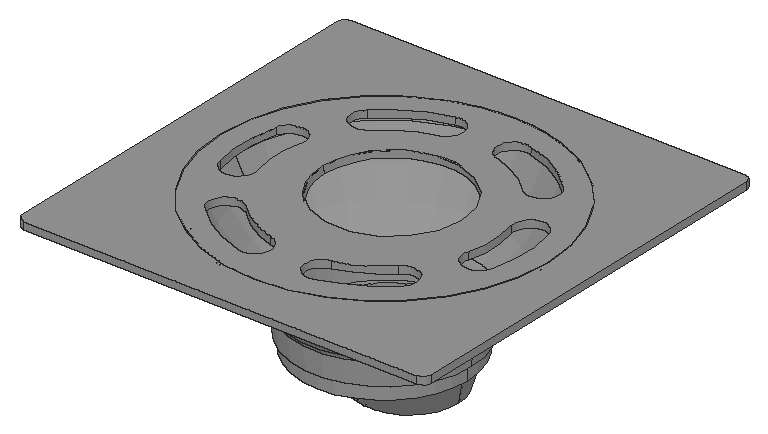
Revit family "937210001_Rejilla piso contemporáneas 10x10", category Aparatos sanitarios, Revit 2019
Family settings
  Cota de conector redondo = Diámetro de uso
  Tipo de pieza = Normal
  Número OmniClass = 23.33.49.23
  Título OmniClass = Grilles
  Se basa en plano de trabajo = No
  Siempre vertical = Sí
  Corte con vacíos al cargar = No
  Compartido = No
  Punto de cálculo de habitación = No
Parameters
  Resistencia máxima a la carga = "136 Kg (299,8 lb)."  # constant formula
  Profundidad = 100 mm
  Peso Neto aprox = "210 gr. (0,46 lb.)"  # constant formula
  Peso Bruto aprox = "241 gr. (0,53 lb.)"  # constant formula
  Material = Corona_Acero inoxidable
  Fabricante = "Grival"  # constant formula
  Garantía Grival = "5 años"  # constant formula
  Fecha de creación = "22/07/2020"  # constant formula
  Descripción = "Ideal para áres de ducha, cocinas, baños y zonas de lavandería. Se\r\nadapta a tubería sanitaria de 1 1/2”, 2” y 3”.\r\n\u001f Sistema que evita el ingreso de Cucarachas y malos olores.\r\n\u001f Fabricada 100% en acero inoxidable.\r\n\u001f Alta resistencia a la corrosión."  # constant formula
  Creado por = "IDD"  # constant formula
  Capacidad de flujo mínimo por norma = "27 L/m."  # constant formula
  Capacidad de Flujo estimada real = "24 L/m."  # constant formula
  Ancho = 100 mm
  Alto = 55 mm
Reference planes
  plane 1 "Center (Front/Back)": y = 0
  plane 2: z = 0
  plane 3 "Center (Left/Right)": x = 0
  plane 4: x = -50
  plane 5: x = 50
  plane 6: y = 50
  plane 7: y = -50
  plane 8: z = -55
  plane 9: z = -1.729
Forms (mm)
  Extrusion 1, solid, material "Corona_Acero inoxidable" <- "Material", detail levels medium+fine
    sketch origin (0, 0, 0) x (1, 0, 0) y (0, 1, 0)
      loop
        arc (-48.001, 50) -> (-49.374, 49.455) -> (-50, 48.118) r 2.002
        line (-50, 48.118) -> (-50, -48.118)
        arc (-50, -48.118) -> (-49.374, -49.455) -> (-48.001, -50) r 2.002
        line (-48.001, -50) -> (48.001, -50)
        arc (48.001, -50) -> (49.374, -49.455) -> (50, -48.118) r 2.002
        line (50, -48.118) -> (50, 48.118)
        arc (50, 48.118) -> (49.374, 49.455) -> (48.001, 50) r 2.002
        line (48.001, 50) -> (-48.001, 50)
      loop
        circle (0, 0) r 40
    from -1.729 to 0
  Extrusion 2, solid, material "Corona_Acero inoxidable" <- "Material", detail levels medium+fine
    sketch origin (0, 0, 0) x (1, 0, 0) y (0, 1, 0)
      loop
        circle (0, 0) r 40
      loop
        arc (25.627, 6.602) -> (26.442, 0.167) -> (25.627, -6.267) r 25.831
        arc (25.627, -6.267) -> (28.329, -11.471) -> (33.437, -8.592) r 4.077
        arc (33.437, -8.592) -> (34.481, -0.019) -> (33.469, 8.557) r 36.253
        arc (33.469, 8.557) -> (28.563, 11.529) -> (25.627, 6.602) r 4.041
      loop
        arc (-25.627, 6.602) -> (-28.563, 11.529) -> (-33.469, 8.557) r 4.041
        arc (-33.469, 8.557) -> (-34.481, -0.019) -> (-33.437, -8.592) r 36.253
        arc (-33.437, -8.592) -> (-28.329, -11.471) -> (-25.627, -6.267) r 4.077
        arc (-25.627, -6.267) -> (-26.442, 0.167) -> (-25.627, 6.602) r 25.831
      loop
        arc (-18.535, -18.881) -> (-24.27, -18.96) -> (-24.149, -24.694) r 4.041
        arc (-24.149, -24.694) -> (-17.228, -29.859) -> (-9.282, -33.241) r 36.253
        arc (-9.282, -33.241) -> (-4.235, -30.257) -> (-7.391, -25.315) r 4.077
        arc (-7.391, -25.315) -> (-13.37, -22.803) -> (-18.535, -18.881) r 25.831
      loop
        arc (-18.535, 18.881) -> (-13.37, 22.803) -> (-7.391, 25.315) r 25.831
        arc (-7.391, 25.315) -> (-4.235, 30.257) -> (-9.282, 33.241) r 4.077
        arc (-9.282, 33.241) -> (-17.228, 29.859) -> (-24.149, 24.694) r 36.253
        arc (-24.149, 24.694) -> (-24.27, 18.96) -> (-18.535, 18.881) r 4.041
      loop
        arc (18.535, -18.881) -> (13.37, -22.803) -> (7.391, -25.315) r 25.831
        arc (7.391, -25.315) -> (4.235, -30.257) -> (9.282, -33.241) r 4.077
        arc (9.282, -33.241) -> (17.228, -29.859) -> (24.149, -24.694) r 36.253
        arc (24.149, -24.694) -> (24.27, -18.96) -> (18.535, -18.881) r 4.041
      loop
        arc (18.535, 18.881) -> (24.27, 18.96) -> (24.149, 24.694) r 4.041
        arc (24.149, 24.694) -> (17.228, 29.859) -> (9.282, 33.241) r 36.253
        arc (9.282, 33.241) -> (4.235, 30.257) -> (7.391, 25.315) r 4.077
        arc (7.391, 25.315) -> (13.37, 22.803) -> (18.535, 18.881) r 25.831
    from -1.729 to 0
  Sweep 3, solid, material "Corona_Acero inoxidable" <- "Material", detail levels medium+fine
    path origin (0, 0, 0) x (1, 0, 0) y (0, 1, 0)
      loop
        circle (0, 0) r 40
    profile origin (0, 40, 0) x (0, -1, 0) y (0, 0, 1)
      loop
        arc (0.015, -1.729) -> (1.606, -2.267) -> (2.601, -3.618) r 2.794
        arc (2.601, -3.618) -> (8.644, -13.941) -> (17.199, -22.302) r 44.9
        arc (17.199, -22.302) -> (17.811, -22.922) -> (18.211, -23.696) r 2.895
        line (18.211, -23.696) -> (18.6, -29.261) -> (19.603, -29.261) -> (19.2, -23.508)
        arc (19.2, -23.508) -> (18.66, -22.391) -> (17.796, -21.501) r 3.895
        arc (17.796, -21.501) -> (9.442, -13.338) -> (3.535, -3.261) r 43.9
        arc (3.535, -3.261) -> (2.173, -1.443) -> (0.015, -0.729) r 3.794
        line (0.015, -0.729) -> (0.015, -1.729)
  Extrusion 4, solid, material "Corona_Acero inoxidable" <- "Material", detail levels medium+fine
    sketch origin (0, -0.781, 0) x (1, 0, 0) y (0, 1, 0)
      loop
        circle (-0.027, 0.779) r 20.397
    from -32.782 to -29.261
  Blend 5, solid, material "Corona_Acero inoxidable" <- "Material", detail levels medium+fine
    base sketch origin (0, -2.188, 0) x (1, 0, 0) y (0, 1, 0)
      loop
        circle (-0.014, 9.855) r 12
    top sketch origin (0, -2.188, 0) x (1, 0, 0) y (0, 1, 0)
      loop
        circle (-0.001, 3.417) r 18.364
    from -44.051 to -32.782
  Extrusion 6, void, detail levels medium+fine
    sketch origin (0, 0, 0) x (1, 0, 0) y (0, 1, 0)
      loop
        circle (0, 1.25) r 18.356
    from -32.782 to -29.261
  Blend 7, solid, material "Corona_Acero inoxidable" <- "Material", detail levels medium+fine
    base sketch origin (0, -2.188, 0) x (1, 0, 0) y (0, 1, 0)
      loop
        circle (-0.014, 9.855) r 12
    top sketch origin (0, -2.188, 0) x (1, 0, 0) y (0, 1, 0)
      loop
        circle (-0.001, 3.417) r 18.364
    from -44.051 to -32.782
  Blend 8, void, detail levels medium+fine
    base sketch origin (0, 0, 0) x (1, 0, 0) y (0, 1, 0)
      loop
        circle (-0.014, 7.667) r 11.8
    top sketch origin (0, 0, 0) x (1, 0, 0) y (0, 1, 0)
      loop
        circle (-0.001, 1.229) r 18.2
    from -44.051 to 10
  Blend 9, void, detail levels medium+fine
    base sketch origin (0, 0, 0) x (1, 0, 0) y (0, 1, 0)
      loop
        circle (-0.014, 7.667) r 11.5
    top sketch origin (0, 0, 0) x (1, 0, 0) y (0, 1, 0)
      loop
        circle (0, 1.25) r 18
    from -44.051 to -32.782
  Extrusion 10, solid, material "Corona_Acero inoxidable" <- "Material", detail levels coarse
    sketch origin (0, 0, 0) x (1, 0, 0) y (0, 1, 0)
      loop
        line (50, 50) -> (-50, 50) -> (-50, -50) -> (50, -50) -> (50, 50)
    from -55 to 0
Cuts and joins
  Extrusion 6, Blend 8 cuts Extrusion 2
  Extrusion 6 cuts Extrusion 4
  Extrusion 6, Blend 9 cuts Blend 7
  Blend 9 cuts Blend 5
Dimensions and locks
  equal spacing: plane 4, plane 3 "Center (Left/Right)", plane 5
  "Ancho": plane 4 to plane 5
  equal spacing: plane 6, plane 1 "Center (Front/Back)", plane 7
  "Profundidad": plane 6 to plane 7
  "Alto": level to plane 8
  aligned and locked: level to plane 2
  aligned and locked: level to Extrusion 1
  aligned and locked: Extrusion 1 to Extrusion 2
  aligned and locked: level to Extrusion 2
  aligned and locked: Extrusion 10 to plane 8
  aligned and locked: level to Extrusion 10
Automatic sketch dimensions
  Extrusion 1 sketch curve to plane 4 = 0 mm
  Extrusion 1 sketch curve to plane 7 = 0 mm
  Extrusion 1 sketch curve to plane 6 = 0 mm
  plane 1 "Center (Front/Back)" to Extrusion 1 sketch curve = 0 mm
  Extrusion 1 sketch curve to plane 3 "Center (Left/Right)" = 0 mm
  Extrusion 1 sketch curve to plane 5 = 0 mm
  plane 4 to Extrusion 1 sketch curve = 1.999 mm  (x2)
  Extrusion 1 sketch curve to plane 5 = 1.999 mm  (x2)
  plane 7 to Extrusion 1 sketch curve = 1.882 mm  (x2)
  Extrusion 1 sketch curve to Extrusion 1 sketch curve = 2.002 mm  (x2)
  Extrusion 2 sketch curve to Extrusion 2 sketch curve = 0 mm  (x8)
  plane 1 "Center (Front/Back)" to Extrusion 2 sketch curve = 0 mm
  Extrusion 2 sketch curve to plane 3 "Center (Left/Right)" = 0 mm
  Extrusion 2 sketch curve to plane 3 "Center (Left/Right)" = 0.455 mm  (x2)
  Extrusion 2 sketch curve to Extrusion 2 sketch curve = 0.156 mm  (x2)
  Extrusion 2 sketch curve to plane 3 "Center (Left/Right)" = 0.841 mm  (x2)
  Extrusion 2 sketch curve to plane 1 "Center (Front/Back)" = 0.047 mm  (x2)
  Extrusion 2 sketch curve to Extrusion 2 sketch curve = 1.161 mm  (x2)
  Extrusion 2 sketch curve to plane 3 "Center (Left/Right)" = 8.2 mm  (x2)
  Extrusion 2 sketch curve to Extrusion 2 sketch curve = 13.163 mm  (x4)
  plane 1 "Center (Front/Back)" to Extrusion 2 sketch curve = 7.564 mm  (x2)
  Extrusion 2 sketch curve to Extrusion 2 sketch curve = 8.129 mm  (x2)
  Extrusion 2 sketch curve to plane 1 "Center (Front/Back)" = 7.608 mm  (x2)
  Extrusion 2 sketch curve to Extrusion 2 sketch curve = 0.048 mm  (x2)
  plane 3 "Center (Left/Right)" to Extrusion 2 sketch curve = 0.455 mm  (x2)
  plane 3 "Center (Left/Right)" to Extrusion 2 sketch curve = 0.841 mm  (x2)
  plane 3 "Center (Left/Right)" to Extrusion 2 sketch curve = 8.2 mm  (x2)
  Extrusion 2 sketch curve to Extrusion 2 sketch curve = 14.203 mm  (x2)
  Extrusion 2 sketch curve to Extrusion 2 sketch curve = 7.544 mm  (x4)
  plane 1 "Center (Front/Back)" to Extrusion 2 sketch curve = 1.57 mm  (x2)
  plane 1 "Center (Front/Back)" to Extrusion 2 sketch curve = 0.433 mm  (x2)
  Extrusion 2 sketch curve to plane 1 "Center (Front/Back)" = 0.167 mm  (x2)
  Extrusion 2 sketch curve to Extrusion 2 sketch curve = 0.266 mm  (x2)
  Extrusion 2 sketch curve to Extrusion 2 sketch curve = 1.137 mm  (x2)
  Extrusion 2 sketch curve to Extrusion 2 sketch curve = 14.159 mm  (x2)
  Extrusion 2 sketch curve to Extrusion 2 sketch curve = 0.81 mm  (x4)
  Extrusion 2 sketch curve to Extrusion 2 sketch curve = 1.082 mm  (x4)
  Extrusion 2 sketch curve to Extrusion 2 sketch curve = 2.828 mm  (x4)
  Extrusion 2 sketch curve to Extrusion 2 sketch curve = 3.865 mm  (x2)
  Extrusion 2 sketch curve to Extrusion 2 sketch curve = 3.913 mm  (x2)
  Extrusion 2 sketch curve to Extrusion 2 sketch curve = 3.945 mm  (x2)
  plane 4 to Extrusion 2 sketch curve = 10 mm
  Sweep 3 sketch curve to Sweep 3 sketch curve = 0 mm  (x8)
  plane 1 "Center (Front/Back)" to Sweep 3 sketch curve = 0 mm
  Sweep 3 sketch curve to plane 3 "Center (Left/Right)" = 0 mm
  plane 4 to Sweep 3 sketch curve = 10 mm
  profile plane to Sweep 3 sketch curve = 0.043 mm
  Sweep 3 sketch curve to profile plane = 0.015 mm
  Sweep 3 sketch curve to profile plane = 15.469 mm
  Sweep 3 sketch curve to Sweep 3 sketch curve = 2.742 mm
  Sweep 3 sketch curve to Sweep 3 sketch curve = 0.389 mm
  Sweep 3 sketch curve to Sweep 3 sketch curve = 0.989 mm
  Sweep 3 sketch curve to Sweep 3 sketch curve = 1.002 mm
  level to Sweep 3 sketch curve = 13.702 mm
  Sweep 3 sketch curve to profile plane = 44.026 mm
  Sweep 3 sketch curve to level = 0.729 mm
  Sweep 3 sketch curve to Sweep 3 sketch curve = 1 mm
  Sweep 3 sketch curve to Sweep 3 sketch curve = 2.794 mm
  Sweep 3 sketch curve to level = 23.508 mm
  Sweep 3 sketch curve to Sweep 3 sketch curve = 0.189 mm
  Sweep 3 sketch curve to Sweep 3 sketch curve = 0.928 mm
  Sweep 3 sketch curve to Sweep 3 sketch curve = 5.565 mm
  Sweep 3 sketch curve to profile plane = 2.601 mm
  Sweep 3 sketch curve to Sweep 3 sketch curve = 0.934 mm
  Extrusion 4 sketch curve to Extrusion 4 sketch curve = 0 mm  (x2)
  plane 1 "Center (Front/Back)" to Extrusion 4 sketch curve = 0.002 mm
  Extrusion 4 sketch curve to plane 3 "Center (Left/Right)" = 0.027 mm
  Extrusion 4 sketch curve to Extrusion 4 sketch curve = 20.397 mm
  Blend 5 sketch curve to plane 3 "Center (Left/Right)" = 0.014 mm
  Blend 5 sketch curve to plane 1 "Center (Front/Back)" = 7.667 mm
  Blend 5 sketch curve to plane 3 "Center (Left/Right)" = 0.001 mm
  Blend 5 sketch curve to plane 1 "Center (Front/Back)" = 1.229 mm
  Blend 7 sketch curve to plane 3 "Center (Left/Right)" = 0.014 mm
  Blend 7 sketch curve to plane 1 "Center (Front/Back)" = 7.667 mm
  Blend 7 sketch curve to plane 3 "Center (Left/Right)" = 0.001 mm
  Blend 7 sketch curve to plane 1 "Center (Front/Back)" = 1.229 mm
  Blend 8 sketch curve to Blend 8 sketch curve = 0 mm  (x4)
  Blend 8 sketch curve to plane 3 "Center (Left/Right)" = 0.014 mm
  Blend 8 sketch curve to plane 1 "Center (Front/Back)" = 7.667 mm
  Blend 8 sketch curve to Blend 8 sketch curve = 11.8 mm
  Blend 8 sketch curve to plane 3 "Center (Left/Right)" = 0.001 mm
  Blend 8 sketch curve to plane 1 "Center (Front/Back)" = 1.229 mm
  Blend 8 sketch curve to Blend 8 sketch curve = 18.2 mm
  Extrusion 6 sketch curve to plane 1 "Center (Front/Back)" = 1.25 mm
  Extrusion 6 sketch curve to plane 3 "Center (Left/Right)" = 0 mm
  Blend 9 sketch curve to Blend 9 sketch curve = 0 mm  (x4)
  Blend 9 sketch curve to plane 3 "Center (Left/Right)" = 0.014 mm
  Blend 9 sketch curve to plane 1 "Center (Front/Back)" = 7.667 mm
  Blend 9 sketch curve to Blend 9 sketch curve = 11.5 mm
  Blend 9 sketch curve to plane 3 "Center (Left/Right)" = 0 mm
  Blend 9 sketch curve to plane 1 "Center (Front/Back)" = 1.25 mm
  Blend 9 sketch curve to plane 3 "Center (Left/Right)" = 18 mm
  Extrusion 10 sketch curve to plane 4 = 0 mm
  Extrusion 10 sketch curve to plane 5 = 0 mm
  Extrusion 10 sketch curve to plane 7 = 0 mm
  Extrusion 10 sketch curve to plane 6 = 0 mm
  radius of Extrusion 1 sketch curve = 40 mm
  radius of Blend 5 sketch curve = 12 mm
  radius of Blend 5 sketch curve = 18.364 mm
  radius of Blend 7 sketch curve = 12 mm
  radius of Blend 7 sketch curve = 18.364 mm
  radius of Extrusion 6 sketch curve = 18.356 mm
Nested families
  nested 1: "Family1" at (0, 0, 0), type "Family1"
  nested 2: "Family2" at (0, 52.049, -55) x (0, -1, 0) z (1, 0, 0), type "Family2"
  nested 3: "Familia6" at (0, 0, -44.051) x (1, 0, 0) z (0, -1, 0), type "Familia6"
Definition of nested family "Family1"
  Reference planes
    plane 1 "Center (Front/Back)": y = 0
    plane 2: z = 0
    plane 3 "Center (Left/Right)": x = 0
  Lines and regions (mm)
    detail lines, in view "Ref. Level"
      curve 1: arc (-9.315, 33.241, 0) -> (-4.267, 30.257, 0) -> (-7.423, 25.315, 0) r 4.077
      curve 2: arc (-7.423, 25.315, 0) -> (-13.402, 22.803, 0) -> (-18.567, 18.881, 0) r 25.831
      curve 3: arc (-18.567, 18.881, 0) -> (-24.302, 18.96, 0) -> (-24.181, 24.694, 0) r 4.041
      curve 4: arc (-24.181, 24.694, 0) -> (-17.26, 29.859, 0) -> (-9.315, 33.241, 0) r 36.253
      curve 5: arc (-33.501, 8.557, 0) -> (-28.595, 11.529, 0) -> (-25.66, 6.602, 0) r 4.041
      curve 6: arc (-25.66, 6.602, 0) -> (-26.474, 0.167, 0) -> (-25.66, -6.267, 0) r 25.831
      curve 7: arc (-25.66, -6.267, 0) -> (-28.362, -11.471, 0) -> (-33.47, -8.592, 0) r 4.077
      curve 8: arc (-33.47, -8.592, 0) -> (-34.514, -0.019, 0) -> (-33.501, 8.557, 0) r 36.253
      curve 9: line (-48.034, -50, 0) -> (47.969, -50, 0)
      curve 10: arc (-50.032, -48.118, 0) -> (-49.406, -49.455, 0) -> (-48.034, -50, 0) r 2.002
      curve 11: line (-50.032, 48.118, 0) -> (-50.032, -48.118, 0)
      curve 12: arc (-48.034, 50, 0) -> (-49.406, 49.455, 0) -> (-50.032, 48.118, 0) r 2.002
      curve 13: line (47.969, 50, 0) -> (-48.034, 50, 0)
      curve 14: arc (-24.181, -24.694, 0) -> (-24.302, -18.96, 0) -> (-18.567, -18.881, 0) r 4.041
      curve 15: arc (-18.567, -18.881, 0) -> (-13.402, -22.803, 0) -> (-7.423, -25.315, 0) r 25.831
      curve 16: arc (-7.423, -25.315, 0) -> (-4.267, -30.257, 0) -> (-9.315, -33.241, 0) r 4.077
      curve 17: arc (-9.315, -33.241, 0) -> (-17.26, -29.859, 0) -> (-24.181, -24.694, 0) r 36.253
      curve 18: circle (0, 0, 0) r 39.6 normal (0, 0, 1)
      curve 19: arc (9.315, 33.241, 0) -> (4.267, 30.257, 0) -> (7.423, 25.315, 0) r 4.077
      curve 20: arc (7.423, 25.315, 0) -> (13.402, 22.803, 0) -> (18.567, 18.881, 0) r 25.831
      curve 21: arc (18.567, 18.881, 0) -> (24.302, 18.96, 0) -> (24.181, 24.694, 0) r 4.041
      curve 22: arc (24.181, 24.694, 0) -> (17.26, 29.859, 0) -> (9.315, 33.241, 0) r 36.253
      curve 23: arc (33.501, 8.557, 0) -> (28.595, 11.529, 0) -> (25.66, 6.602, 0) r 4.041
      curve 24: arc (25.66, 6.602, 0) -> (26.474, 0.167, 0) -> (25.66, -6.267, 0) r 25.831
      curve 25: arc (25.66, -6.267, 0) -> (28.362, -11.471, 0) -> (33.47, -8.592, 0) r 4.077
      curve 26: arc (33.47, -8.592, 0) -> (34.514, -0.019, 0) -> (33.501, 8.557, 0) r 36.253
      curve 27: arc (50.032, -48.118, 0) -> (49.406, -49.455, 0) -> (48.034, -50, 0) r 2.002
      curve 28: line (50.032, 48.118, 0) -> (50.032, -48.118, 0)
      curve 29: arc (48.034, 50, 0) -> (49.406, 49.455, 0) -> (50.032, 48.118, 0) r 2.002
      curve 30: arc (24.181, -24.694, 0) -> (24.302, -18.96, 0) -> (18.567, -18.881, 0) r 4.041
      curve 31: arc (18.567, -18.881, 0) -> (13.402, -22.803, 0) -> (7.423, -25.315, 0) r 25.831
      curve 32: arc (7.423, -25.315, 0) -> (4.267, -30.257, 0) -> (9.315, -33.241, 0) r 4.077
      curve 33: arc (9.315, -33.241, 0) -> (17.26, -29.859, 0) -> (24.181, -24.694, 0) r 36.253
Definition of nested family "Family2"
  Reference planes
    plane 1 "Center (Front/Back)": y = 0
    plane 2: z = 0
    plane 3 "Center (Left/Right)": x = 0
  Lines and regions (mm)
    detail lines, in view "Ref. Level"
      curve 1: line (2.049, 53.271, 0) -> (102.049, 53.271, 0)
      curve 2: line (102.049, 55, 0) -> (2.049, 55, 0)
      curve 3: line (102.049, 53.271, 0) -> (102.049, 55, 0)
      curve 4: line (28.611, 25.739, 0) -> (70.705, 25.739, 0)
      curve 5: line (30.221, 22.218, 0) -> (63.388, 22.218, 0)
      curve 6: line (63.388, 22.218, 0) -> (69.15, 22.218, 0)
      curve 7: line (69.15, 22.218, 0) -> (69.406, 25.739, 0)
      curve 8: line (51.158, 10.949, 0) -> (63.388, 22.218, 0)
      curve 9: line (30.413, 10.949, 0) -> (51.158, 10.949, 0)
      curve 10: line (30.413, 22.218, 0) -> (30.413, 10.949, 0)
      curve 11: line (52.183, 10.124, 0) -> (31.118, 4.93, 0)
      curve 12: line (31.118, 4.93, 0) -> (32.335, -0.005, 0)
      curve 13: line (32.335, -0.005, 0) -> (34.255, 0.512, 0)
      curve 14: line (31.694, 3.586, 0) -> (32.59, 0.064, 0)
      curve 15: line (44.307, 6.723, 0) -> (31.694, 3.586, 0)
      curve 16: line (34.255, 0.512, 0) -> (33.367, 4.002, 0)
      curve 17: line (45.14, 3.201, 0) -> (44.307, 6.723, 0)
      curve 18: line (51.03, 4.674, 0) -> (45.14, 3.201, 0)
      curve 19: line (49.814, 9.54, 0) -> (51.03, 4.674, 0)
      curve 20: line (50.149, 8.199, 0) -> (52.439, 8.772, 0)
      curve 21: line (52.183, 11.893, 0) -> (52.183, 9.633, 0)
      curve 22: line (57.625, 9.886, 0) -> (57.625, 16.908, 0)
      curve 23: line (57.625, 11.525, 0) -> (63.836, 13.062, 0)
      curve 24: line (68.51, 14.214, 0) -> (63.836, 13.062, 0)
      curve 25: line (69.726, 9.348, 0) -> (68.51, 14.214, 0)
      curve 26: line (65.052, 8.196, 0) -> (69.726, 9.348, 0)
      curve 27: line (63.836, 13.062, 0) -> (65.052, 8.196, 0)
      curve 28: line (65.052, 8.196, 0) -> (58.522, 6.528, 0)
      curve 29: line (58.522, 6.528, 0) -> (57.625, 10.05, 0)
      curve 30: arc (88.976, 53.271, 0) -> (87.559, 52.646, 0) -> (86.653, 51.39, 0) r 2.958
      curve 31: arc (86.653, 51.39, 0) -> (80.762, 40.982, 0) -> (71.985, 32.858, 0) r 38.855
      curve 32: arc (71.985, 32.858, 0) -> (71.356, 32.185, 0) -> (71.088, 31.305, 0) r 2.041
      curve 33: arc (71.088, 31.305, 0) -> (70.964, 28.517, 0) -> (70.705, 25.739, 0) r 57.618
      curve 34: arc (10.34, 53.271, 0) -> (11.756, 52.646, 0) -> (12.663, 51.39, 0) r 2.958
      curve 35: arc (12.663, 51.39, 0) -> (18.554, 40.982, 0) -> (27.331, 32.858, 0) r 38.855
      curve 36: arc (27.331, 32.858, 0) -> (27.959, 32.185, 0) -> (28.228, 31.305, 0) r 2.041
      curve 37: arc (28.228, 31.305, 0) -> (28.352, 28.517, 0) -> (28.611, 25.739, 0) r 57.618
      curve 38: arc (52.183, 9.633, 0) -> (55.021, 7.241, 0) -> (57.625, 9.886, 0) r 2.732
      curve 39: circle (54.894, 9.971, 0) r 0.849 normal (0, 0, 1)
      curve 40: circle (54.894, 9.971, 0) r 0.975 normal (0, 0, 1)
      curve 41: line (42.242, 36.81, 0) -> (42.242, 3.062, 0)
      curve 42: line (42.012, 3.062, 0) -> (42.012, 36.81, 0)
      curve 43: line (29.965, 25.739, 0) -> (30.221, 22.218, 0)
      curve 44: line (2.049, 55, 0) -> (2.049, 53.271, 0)
Definition of nested family "Familia6"
  Reference planes
    plane 1 "Center (Front/Back)": y = 0
    plane 2: z = 0
    plane 3 "Center (Left/Right)": x = 0
  Lines and regions (mm)
    detail lines, in view "Ref. Level"
      curve 1: line (-47.609, 42.354, 0) -> (52.391, 42.354, 0)
      curve 2: line (52.391, 44.082, 0) -> (-47.609, 44.082, 0)
      curve 3: line (52.391, 42.354, 0) -> (52.391, 44.082, 0)
      curve 4: line (-21.047, 14.822, 0) -> (21.047, 14.822, 0)
      curve 5: line (-19.437, 11.3, 0) -> (13.73, 11.3, 0)
      curve 6: line (13.73, 11.3, 0) -> (19.492, 11.3, 0)
      curve 7: line (19.492, 11.3, 0) -> (19.748, 14.822, 0)
      curve 8: arc (39.318, 42.354, 0) -> (37.901, 41.728, 0) -> (36.995, 40.472, 0) r 2.958
      curve 9: arc (36.995, 40.472, 0) -> (31.104, 30.064, 0) -> (22.327, 21.941, 0) r 38.855
      curve 10: arc (22.327, 21.941, 0) -> (21.698, 21.268, 0) -> (21.43, 20.387, 0) r 2.041
      curve 11: arc (21.43, 20.387, 0) -> (21.306, 17.6, 0) -> (21.047, 14.822, 0) r 57.618
      curve 12: arc (-39.318, 42.354, 0) -> (-37.901, 41.728, 0) -> (-36.995, 40.472, 0) r 2.958
      curve 13: arc (-36.995, 40.472, 0) -> (-31.104, 30.064, 0) -> (-22.327, 21.941, 0) r 38.855
      curve 14: arc (-22.327, 21.941, 0) -> (-21.698, 21.268, 0) -> (-21.43, 20.387, 0) r 2.041
      curve 15: arc (-21.43, 20.387, 0) -> (-21.306, 17.6, 0) -> (-21.047, 14.822, 0) r 57.618
      curve 16: line (-19.693, 14.822, 0) -> (-19.437, 11.3, 0)
      curve 17: line (-47.609, 44.082, 0) -> (-47.609, 42.354, 0)
      curve 18: line (-17.465, 11.3, 0) -> (-17.465, 14.822, 0)
      curve 19: line (17.465, 11.3, 0) -> (17.465, 14.822, 0)
      curve 20: line (-12, 0, 0) -> (12, 0, 0)
      curve 21: line (-17.465, 11.3, 0) -> (-12, 0, 0)
      curve 22: line (12, 0, 0) -> (17.465, 11.3, 0)
